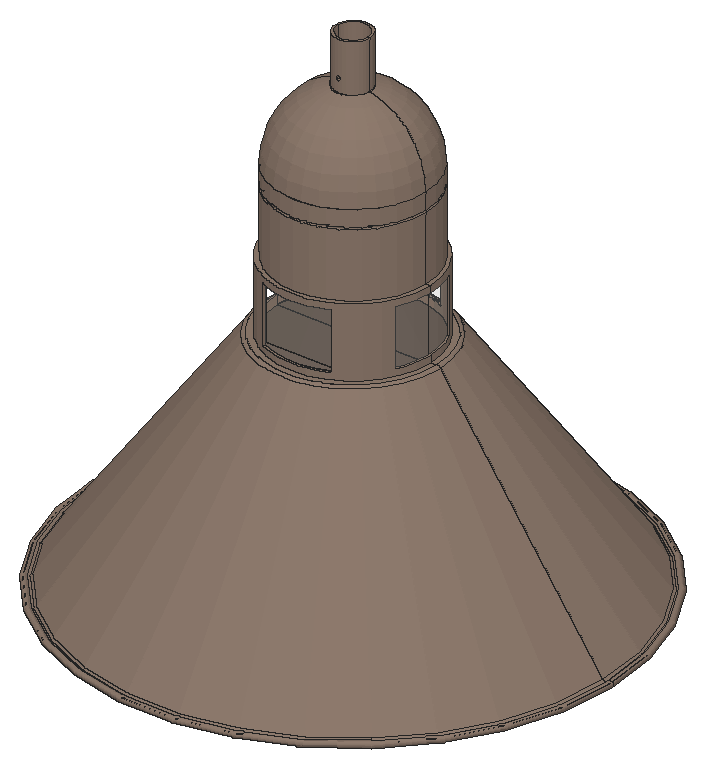
Revit family "BVA3004", category Generic Models, Revit 2014
Parameters
  GLASS = Glass
  BELL = Bronze, Architectural
Reference planes (in)
  plane 1 "Center (Front/Back)": y = 0
  plane 2: z = 0
  plane 3 "Center (Left/Right)": x = 0
Forms (in)
  Revolve 1, solid, material "Bronze, Architectural" <- "BELL"
    sketch origin (0, 0, 6.66097) x (1, 0, 0) y (0, 0, 1)
      loop
        line (-0.69, 19.36504) -> (-1.0625, 19.36504)
        arc (-1.0625, 19.36504) -> (-3.35992, 17.85258) -> (-4.25, 15.25) r 4.25
        line (-4.25, 15.25) -> (-4.25, 14.3125)
        arc (-4.25, 14.3125) -> (-4.21143, 14.25) -> (-4.25, 14.1875) r 0.06992
        line (-4.25, 14.1875) -> (-4.25, 10.5) -> (-4.125, 10.5) -> (-4.125, 14.1336)
        arc (-4.125, 14.1336) -> (-4.08643, 14.25) -> (-4.125, 14.3664) r 0.19492
        line (-4.125, 14.3664) -> (-4.125, 15.25)
        arc (-4.125, 15.25) -> (-3.26592, 17.7698) -> (-1.0465, 19.24004) r 4.125
        line (-1.0465, 19.24004) -> (-0.69, 19.24004) -> (-0.69, 19.36504)
      axis (0, 19.36504) -> (0, 10.5)
    angle from 0 to 360
  Revolve 2, solid, material "Bronze, Architectural" <- "BELL"
    sketch origin (0, 0, 6.66097) x (1, 0, 0) y (0, 0, 1)
      loop
        line (4.125, 10.5) -> (4.125, 10.375) -> (4.375, 10.375) -> (4.375, 6.375) -> (4.87357, 6.375)
        arc (4.87357, 6.375) -> (4.92998, 6.36155) -> (4.97425, 6.32408) r 0.125
        line (4.97425, 6.32408) -> (14.4011, -6.48748)
        arc (14.4011, -6.48748) -> (14.4783, -6.56502) -> (14.56979, -6.62501) r 0.52882
        arc (14.56979, -6.62501) -> (14.73271, -6.68016) -> (14.90362, -6.69957) r 0.80764
        arc (14.90362, -6.69957) -> (15.04628, -6.46383) -> (14.77108, -6.45029) r 0.16042
        line (14.77108, -6.45029) -> (14.87515, -6.51953)
        arc (14.87515, -6.51953) -> (14.93592, -6.52252) -> (14.90441, -6.57457) r 0.03542
        arc (14.90441, -6.57457) -> (14.76132, -6.55847) -> (14.62479, -6.51272) r 0.68264
        arc (14.62479, -6.51272) -> (14.55727, -6.46813) -> (14.5, -6.41097) r 0.40382
        line (14.5, -6.41097) -> (5.07493, 6.39816)
        arc (5.07493, 6.39816) -> (4.98639, 6.47309) -> (4.87357, 6.5) r 0.25
        line (4.87357, 6.5) -> (4.5, 6.5) -> (4.5, 10.5) -> (4.125, 10.5)
      axis (0, 10.5) -> (0, -6.69957)
    angle from 0 to 360
  Extrusion 3, void
    sketch origin (0, 0, 6.66097) x (1, 0, 0) y (0, 0, 1)
      loop
        line (2, 10.125) -> (-2, 10.125) -> (-2, 6.875) -> (2, 6.875) -> (2, 10.125)
    from 3.69326 to 4.71322
  Extrusion 4, void
    sketch origin (0, 0, 6.66097) x (0, 1, 0) y (0, 0, 1)
      loop
        line (2, 10.125) -> (-2, 10.125) -> (-2, 6.875) -> (2, 6.875) -> (2, 10.125)
    from 3.69326 to 4.71322
  Extrusion 5, void
    sketch origin (0, 0, 6.66097) x (0, -1, 0) y (0, 0, 1)
      loop
        line (2, 10.125) -> (-2, 10.125) -> (-2, 6.875) -> (2, 6.875) -> (2, 10.125)
    from 3.69326 to 4.71322
  Extrusion 6, void
    sketch origin (0, 0, 6.66097) x (-1, 0, 0) y (0, 0, 1)
      loop
        line (2, 10.125) -> (-2, 10.125) -> (-2, 6.875) -> (2, 6.875) -> (2, 10.125)
    from 3.69326 to 4.71322
  Revolve 7, solid, material "Glass" <- "GLASS"
    sketch origin (0, 0, 6.66097) x (1, 0, 0) y (0, 0, 1)
      loop
        line (4.375, 6.375) -> (4.375, 10.375) -> (0, 10.375) -> (0, 6.375) -> (4.375, 6.375)
      axis (0, 10.375) -> (0, 6.375)
    angle from 0 to 360
  Revolve 8, solid, material "Bronze, Architectural" <- "BELL"
    sketch origin (0, 0, 6.66097) x (1, 0, 0) y (0, 0, 1)
      loop
        line (-1, 22.11504) -> (-1, 19.36504) -> (-0.875, 19.36504) -> (-0.875, 22.11504) -> (-1, 22.11504)
      axis (0, 22.11504) -> (0, 19.36504)
    angle from 0 to 360
  Extrusion 9, void
    sketch origin (0, 0, 6.66097) x (1, 0, 0) y (0, 0, 1)
      loop
        circle (0, 20.11504) r 0.12446
    from -1.05923 to 1.05677
Cuts and joins
  Extrusion 3, Extrusion 4, Extrusion 5, Extrusion 6 cuts Revolve 2
  Extrusion 3 cuts Revolve 7
  Extrusion 9 cuts Revolve 8
  Extrusion 4, Extrusion 5 cuts Revolve 1
Dimensions and locks (in)
  aligned and locked: plane 2 to level
